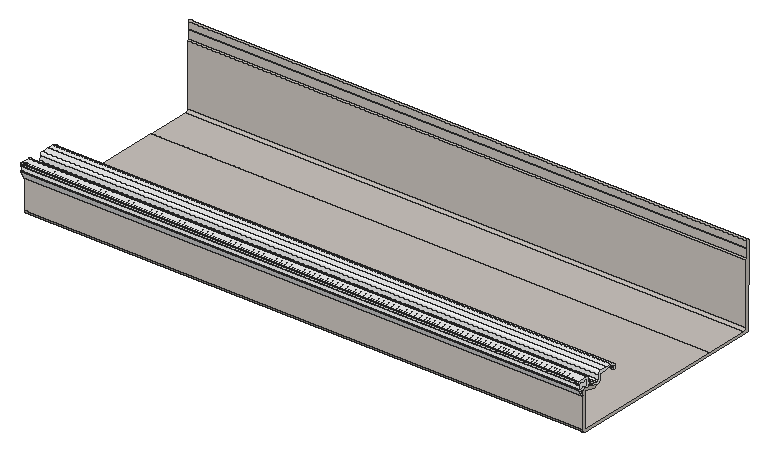
Revit family "Lighting to Front face of Suburban Gutter", category Generic Models, Revit 2018
Family settings
  Can host rebar = No
  Round Connector Dimension = Use Diameter
  Part Type = Normal
  Work Plane-Based = No
  Always vertical = Yes
  Cut with Voids When Loaded = No
  Shared = No
  Room Calculation Point = No
Parameters
  LED Neon Strip lighting [instance] = LED light
  Gutter Length [instance] = 500 mm
  Gutter Clip [instance] = Aluminum - Dark
  185 Suburban Gutter [instance] = Bronco
Reference planes
  plane 1 "Center (Front/Back)": y = 0
  plane 2: z = 0
  plane 3 "Center (Left/Right)": x = 0
  plane 4: x = -250
  plane 5: x = 250
Forms (mm)
  Extrusion 1, solid, material "Aluminum - Dark" <- "Gutter Clip"
    sketch origin (0, 20.14, -0.218) x (0, 1, 0) y (0, 0, 1)
      loop
        line (-94.944, 34.172) -> (-94.955, 37.723) -> (-94.63, 39.31) -> (-89.948, 39.79) -> (-84.615, 40.305) -> (-81.848, 40.564)
        arc (-81.848, 40.564) -> (-80.132, 39.786) -> (-79.469, 38.022) r 2.462
        line (-79.469, 38.022) -> (-79.53, 37.238)
        arc (-79.53, 37.238) -> (-78.939, 36.677) -> (-78.268, 37.14) r 0.647
        line (-78.268, 37.14) -> (-78.186, 38.2)
        arc (-78.186, 38.2) -> (-79.322, 40.787) -> (-81.944, 41.841) r 3.739
        line (-81.944, 41.841) -> (-86.746, 41.814) -> (-87.141, 40.996) -> (-87.546, 41.81) -> (-93.836, 41.775)
        arc (-93.836, 41.775) -> (-95.533, 41.168) -> (-96.303, 39.538) r 2.353
        line (-96.303, 39.538) -> (-96.521, 35.53)
        arc (-96.521, 35.53) -> (-96.721, 34.726) -> (-97.367, 34.208) r 1.296
        arc (-97.367, 34.208) -> (-99.112, 34.363) -> (-100.787, 34.877) r 8.406
        line (-100.787, 34.877) -> (-103.322, 36.627) -> (-104.021, 36.172) -> (-103.816, 36.968) -> (-108.215, 40.004) -> (-108.211, 41.606)
        arc (-108.211, 41.606) -> (-108.679, 42.739) -> (-109.811, 43.209) r 1.6
        line (-109.811, 43.209) -> (-118.311, 43.212)
        arc (-118.311, 43.212) -> (-118.665, 43.065) -> (-118.811, 42.712) r 0.5
        line (-118.811, 42.712) -> (-118.812, 41.401)
        spline (-118.812, 41.401) -> (-118.726, 41.287) -> (-118.656, 41.259) -> (-118.587, 41.289) -> (-118.509, 41.347) -> (-118.407, 41.403) -> (-118.271, 41.428) -> (-118.104, 41.421) -> (-117.926, 41.41) -> (-117.757, 41.424) -> (-117.619, 41.492) -> (-117.533, 41.645) -> (-117.519, 41.912)
        line (-117.519, 41.912) -> (-114.412, 41.912)
        arc (-114.412, 41.912) -> (-114.265, 41.558) -> (-113.912, 41.412) r 0.5
        arc (-113.912, 41.412) -> (-113.558, 41.558) -> (-113.412, 41.912) r 0.5
        line (-113.412, 41.912) -> (-109.511, 41.912) -> (-109.513, 36.512) -> (-113.412, 36.512)
        arc (-113.412, 36.512) -> (-113.558, 36.865) -> (-113.912, 37.012) r 0.5
        arc (-113.912, 37.012) -> (-114.265, 36.865) -> (-114.412, 36.512) r 0.5
        line (-114.412, 36.512) -> (-117.512, 36.512)
        spline (-117.512, 36.512) -> (-117.527, 36.78) -> (-117.614, 36.933) -> (-117.753, 37.001) -> (-117.922, 37.015) -> (-118.101, 37.003) -> (-118.269, 36.996) -> (-118.405, 37.021) -> (-118.507, 37.077) -> (-118.586, 37.135) -> (-118.655, 37.165) -> (-118.726, 37.137) -> (-118.811, 37.022)
        line (-118.811, 37.022) -> (-118.736, 36.182) -> (-115.058, 30.238) -> (-114.285, 30.055)
        arc (-114.285, 30.055) -> (-113.834, 30.223) -> (-113.817, 30.704) r 0.432
        line (-113.817, 30.704) -> (-116.252, 34.637)
        arc (-116.252, 34.637) -> (-116.26, 35.018) -> (-115.931, 35.212) r 0.377
        line (-115.931, 35.212) -> (-111.21, 35.212) -> (-108.214, 34.678) -> (-108.213, 36.994)
        arc (-108.213, 36.994) -> (-107.811, 37.658) -> (-107.037, 37.611) r 0.75
        line (-107.037, 37.611) -> (-102.396, 34.408)
        spline (-102.396, 34.408) -> (-102.428, 34.286) -> (-102.451, 34.174) -> (-102.466, 34.073) -> (-102.472, 33.981) -> (-102.47, 33.9) -> (-102.459, 33.828) -> (-102.439, 33.767) -> (-102.41, 33.716) -> (-102.373, 33.676) -> (-102.328, 33.645) -> (-102.273, 33.625) -> (-102.211, 33.614)
        line (-102.211, 33.614) -> (-99.866, 33.208) -> (-98.503, 32.793)
        arc (-98.503, 32.793) -> (-96.496, 32.897) -> (-94.944, 34.172) r 3.215
    from -250 to 250
  Extrusion 2, solid, material "Bronco" <- "185 Suburban Gutter"
    sketch origin (0, -150.925, -150.846) x (0, 1, 0) y (0, 0, 1)
      loop
        arc (242.175, 224.946) -> (241.275, 225.846) -> (240.375, 224.946) r 0.9
        line (240.375, 224.946) -> (240.375, 218.746) -> (241.182, 218.346) -> (240.375, 217.946) -> (240.375, 210.753) -> (239.925, 209.888) -> (239.925, 155.346)
        arc (239.925, 155.346) -> (239.266, 153.755) -> (237.675, 153.096) r 2.25
        line (237.675, 153.096) -> (199.575, 153.096) -> (199.175, 152.296) -> (198.775, 153.096) -> (60.175, 153.096)
        arc (60.175, 153.096) -> (59.645, 153.315) -> (59.425, 153.846) r 0.75
        line (59.425, 153.846) -> (59.425, 183.657) -> (69.798, 181.828)
        arc (69.798, 181.828) -> (71.102, 182.74) -> (70.189, 184.044) r 1.125
        line (70.189, 184.044) -> (65.762, 184.824) -> (65.23, 184.106) -> (64.975, 184.963) -> (60.192, 185.807)
        arc (60.192, 185.807) -> (58.093, 185.244) -> (57.175, 183.276) r 2.57
        line (57.175, 183.276) -> (57.175, 153.846)
        arc (57.175, 153.846) -> (58.054, 151.724) -> (60.175, 150.846) r 3
        line (60.175, 150.846) -> (241.675, 150.846)
        arc (241.675, 150.846) -> (242.029, 150.992) -> (242.175, 151.346) r 0.5
        line (242.175, 151.346) -> (242.175, 224.946)
    from -250 to 250
  Extrusion 3, solid, material "LED light" <- "LED Neon Strip lighting"
    sketch origin (0, 0, 0) x (0, 1, 0) y (0, 0, 1)
      loop
        line (-89.472, 41.594) -> (-93.181, 41.594)
        arc (-93.181, 41.594) -> (-93.772, 41.094) -> (-94.364, 41.594) r 0.6
        line (-94.364, 41.594) -> (-97.235, 41.594) -> (-97.235, 36.394) -> (-94.364, 36.394)
        arc (-94.364, 36.394) -> (-93.772, 36.894) -> (-93.181, 36.394) r 0.6
        line (-93.181, 36.394) -> (-89.473, 36.394) -> (-89.472, 41.594)
    from -250 to 250
Dimensions and locks
  equal spacing: plane 4, plane 3 "Center (Left/Right)", plane 5
  "Gutter Length": plane 4 to plane 5
  aligned and locked: level to plane 2
  aligned and locked: Extrusion 1 to plane 4
  aligned and locked: Extrusion 1 to plane 5
  aligned and locked: Extrusion 2 to plane 4
  aligned and locked: Extrusion 2 to plane 5
  aligned and locked: Extrusion 3 to plane 4
  aligned and locked: Extrusion 3 to plane 5
Automatic sketch dimensions
  Extrusion 2 sketch curve to Extrusion 2 sketch curve = 0 mm  (x4)
  plane 1 "Center (Front/Back)" to Extrusion 2 sketch curve = 93.75 mm
  Extrusion 2 sketch curve to Extrusion 2 sketch curve = 2.25 mm  (x2)
  Extrusion 2 sketch curve to Extrusion 2 sketch curve = 0.32 mm
  Extrusion 2 sketch curve to Extrusion 2 sketch curve = 0.75 mm
  Extrusion 2 sketch curve to Extrusion 2 sketch curve = 0.766 mm
  Extrusion 2 sketch curve to Extrusion 2 sketch curve = 0.788 mm
  Extrusion 2 sketch curve to Extrusion 2 sketch curve = 4.036 mm
  Extrusion 2 sketch curve to Extrusion 2 sketch curve = 0.195 mm  (x2)
  Extrusion 2 sketch curve to Extrusion 2 sketch curve = 128.977 mm
  Extrusion 2 sketch curve to Extrusion 2 sketch curve = 0.4 mm  (x2)
  Extrusion 2 sketch curve to Extrusion 2 sketch curve = 0.8 mm  (x3)
  Extrusion 2 sketch curve to Extrusion 2 sketch curve = 38.1 mm
  Extrusion 2 sketch curve to Extrusion 2 sketch curve = 0.45 mm
  Extrusion 2 sketch curve to Extrusion 2 sketch curve = 0.806 mm
  Extrusion 2 sketch curve to Extrusion 2 sketch curve = 0.9 mm
  Extrusion 2 sketch curve to Extrusion 2 sketch curve = 0.5 mm
  level to Extrusion 2 sketch curve = 0 mm
  Extrusion 2 sketch curve to Extrusion 2 sketch curve = 27.982 mm
  Extrusion 2 sketch curve to Extrusion 2 sketch curve = 1.108 mm
  Extrusion 2 sketch curve to Extrusion 2 sketch curve = 1.448 mm
  Extrusion 2 sketch curve to Extrusion 2 sketch curve = 0.381 mm
  Extrusion 2 sketch curve to Extrusion 2 sketch curve = 1.17 mm
  Extrusion 2 sketch curve to Extrusion 2 sketch curve = 54.543 mm
  Extrusion 2 sketch curve to Extrusion 2 sketch curve = 0.864 mm
  Extrusion 2 sketch curve to Extrusion 2 sketch curve = 7.193 mm
  Extrusion 2 sketch curve to Extrusion 2 sketch curve = 6.2 mm
  Extrusion 2 sketch curve to Extrusion 2 sketch curve = 4.783 mm
  Extrusion 2 sketch curve to Extrusion 2 sketch curve = 0.533 mm
  Extrusion 2 sketch curve to Extrusion 2 sketch curve = 0.718 mm
  Extrusion 2 sketch curve to Extrusion 2 sketch curve = 0.139 mm
  level to Extrusion 1 sketch curve = 41.183 mm
  plane 1 "Center (Front/Back)" to Extrusion 1 sketch curve = 98.672 mm
  level to Extrusion 1 sketch curve = 42.494 mm
  Extrusion 1 sketch curve to Extrusion 1 sketch curve = 0 mm  (x10)
  level to Extrusion 1 sketch curve = 36.804 mm
  level to Extrusion 1 sketch curve = 35.964 mm
  Extrusion 1 sketch curve to Extrusion 1 sketch curve = 0.075 mm
  Extrusion 1 sketch curve to Extrusion 1 sketch curve = 0.5 mm  (x5)
  level to Extrusion 1 sketch curve = 42.994 mm
  Extrusion 1 sketch curve to Extrusion 1 sketch curve = 0.793 mm
  Extrusion 1 sketch curve to Extrusion 1 sketch curve = 1.224 mm
  level to Extrusion 1 sketch curve = 34.419 mm
  Extrusion 1 sketch curve to Extrusion 1 sketch curve = 1.26 mm
  Extrusion 1 sketch curve to Extrusion 1 sketch curve = 0.32 mm
  level to Extrusion 1 sketch curve = 30.02 mm
  Extrusion 1 sketch curve to Extrusion 1 sketch curve = 1.193 mm
  Extrusion 1 sketch curve to Extrusion 1 sketch curve = 3.107 mm
  Extrusion 1 sketch curve to Extrusion 1 sketch curve = 1.52 mm
  level to Extrusion 1 sketch curve = 29.837 mm
  Extrusion 1 sketch curve to Extrusion 1 sketch curve = 0.774 mm
  Extrusion 1 sketch curve to Extrusion 1 sketch curve = 0.099 mm
  level to Extrusion 1 sketch curve = 30.486 mm
  Extrusion 1 sketch curve to Extrusion 1 sketch curve = 0.368 mm
  Extrusion 1 sketch curve to Extrusion 1 sketch curve = 2.202 mm
  Extrusion 1 sketch curve to Extrusion 1 sketch curve = 3.601 mm
  level to Extrusion 1 sketch curve = 42.991 mm
  Extrusion 1 sketch curve to Extrusion 1 sketch curve = 0.001 mm
  Extrusion 1 sketch curve to Extrusion 1 sketch curve = 1.697 mm
  level to Extrusion 1 sketch curve = 41.694 mm
  Extrusion 1 sketch curve to Extrusion 1 sketch curve = 0.3 mm
  level to Extrusion 1 sketch curve = 39.786 mm
  Extrusion 1 sketch curve to Extrusion 1 sketch curve = 1.597 mm
  level to Extrusion 1 sketch curve = 34.46 mm
  Extrusion 1 sketch curve to Extrusion 1 sketch curve = 1.299 mm
  level to Extrusion 1 sketch curve = 36.776 mm
  Extrusion 1 sketch curve to Extrusion 1 sketch curve = 1.3 mm  (x2)
  level to Extrusion 1 sketch curve = 41.388 mm
  Extrusion 1 sketch curve to Extrusion 1 sketch curve = 0.75 mm
  level to Extrusion 1 sketch curve = 37.393 mm
  Extrusion 1 sketch curve to Extrusion 1 sketch curve = 0.426 mm
  level to Extrusion 1 sketch curve = 35.954 mm
  Extrusion 1 sketch curve to Extrusion 1 sketch curve = 3.016 mm
  level to Extrusion 1 sketch curve = 36.75 mm
  Extrusion 1 sketch curve to Extrusion 1 sketch curve = 0.205 mm
  level to Extrusion 1 sketch curve = 36.409 mm
  Extrusion 1 sketch curve to Extrusion 1 sketch curve = 0.494 mm
  level to Extrusion 1 sketch curve = 34.19 mm
  Extrusion 1 sketch curve to Extrusion 1 sketch curve = 1.625 mm
  level to Extrusion 1 sketch curve = 33.396 mm
  Extrusion 1 sketch curve to Extrusion 1 sketch curve = 0.185 mm
  level to Extrusion 1 sketch curve = 34.659 mm
  Extrusion 1 sketch curve to Extrusion 1 sketch curve = 1.609 mm
  level to Extrusion 1 sketch curve = 32.99 mm
  Extrusion 1 sketch curve to Extrusion 1 sketch curve = 0.921 mm
  level to Extrusion 1 sketch curve = 32.575 mm
  Extrusion 1 sketch curve to Extrusion 1 sketch curve = 1.363 mm
  Extrusion 1 sketch curve to Extrusion 1 sketch curve = 0.69 mm
  Extrusion 1 sketch curve to Extrusion 1 sketch curve = 0.154 mm
  Extrusion 1 sketch curve to Extrusion 1 sketch curve = 0.162 mm
  level to Extrusion 1 sketch curve = 35.312 mm
  Extrusion 1 sketch curve to Extrusion 1 sketch curve = 1.137 mm
  level to Extrusion 1 sketch curve = 39.32 mm
  Extrusion 1 sketch curve to Extrusion 1 sketch curve = 1.194 mm
  level to Extrusion 1 sketch curve = 37.505 mm
  Extrusion 1 sketch curve to Extrusion 1 sketch curve = 1.348 mm
  level to Extrusion 1 sketch curve = 33.954 mm
  Extrusion 1 sketch curve to Extrusion 1 sketch curve = 1.578 mm
  Extrusion 1 sketch curve to Extrusion 1 sketch curve = 0.325 mm
  Extrusion 1 sketch curve to Extrusion 1 sketch curve = 0.677 mm
  Extrusion 1 sketch curve to Extrusion 1 sketch curve = 0.117 mm
  Extrusion 1 sketch curve to Extrusion 1 sketch curve = 4.004 mm
  Extrusion 1 sketch curve to Extrusion 1 sketch curve = 2.403 mm
  Extrusion 1 sketch curve to Extrusion 1 sketch curve = 0.404 mm
  Extrusion 1 sketch curve to Extrusion 1 sketch curve = 0.8 mm  (x2)
  Extrusion 1 sketch curve to Extrusion 1 sketch curve = 2.131 mm
  level to Extrusion 1 sketch curve = 41.623 mm
  Extrusion 1 sketch curve to Extrusion 1 sketch curve = 2.671 mm
  Extrusion 1 sketch curve to Extrusion 1 sketch curve = 2.685 mm
  Extrusion 1 sketch curve to Extrusion 1 sketch curve = 0.006 mm
  Extrusion 1 sketch curve to Extrusion 1 sketch curve = 0.096 mm
  Extrusion 1 sketch curve to Extrusion 1 sketch curve = 2.394 mm
  Extrusion 1 sketch curve to Extrusion 1 sketch curve = 0.061 mm
  Extrusion 1 sketch curve to Extrusion 1 sketch curve = 0.641 mm
  level to Extrusion 1 sketch curve = 36.922 mm
  Extrusion 1 sketch curve to Extrusion 1 sketch curve = 0.621 mm
  level to Extrusion 1 sketch curve = 37.982 mm
  Extrusion 1 sketch curve to Extrusion 1 sketch curve = 0.082 mm
  Extrusion 1 sketch curve to Extrusion 1 sketch curve = 0.198 mm
  Extrusion 1 sketch curve to Extrusion 1 sketch curve = 0.471 mm
  Extrusion 1 sketch curve to Extrusion 1 sketch curve = 0.33 mm
  Extrusion 1 sketch curve to Extrusion 1 sketch curve = 0.098 mm
  Extrusion 1 sketch curve to Extrusion 1 sketch curve = 0.784 mm
  Extrusion 1 sketch curve to Extrusion 1 sketch curve = 0.002 mm
  Extrusion 1 sketch curve to Extrusion 1 sketch curve = 1.587 mm
  Extrusion 1 sketch curve to Extrusion 1 sketch curve = 0.116 mm
  Extrusion 1 sketch curve to Extrusion 1 sketch curve = 0.364 mm
  Extrusion 1 sketch curve to Extrusion 1 sketch curve = 0.26 mm
  Extrusion 1 sketch curve to Extrusion 1 sketch curve = 0.692 mm
  Extrusion 1 sketch curve to Extrusion 1 sketch curve = 0.814 mm
  Extrusion 1 sketch curve to Extrusion 1 sketch curve = 0.004 mm
  Extrusion 1 sketch curve to Extrusion 1 sketch curve = 3.075 mm
  level to Extrusion 3 sketch curve = 36.394 mm
  plane 1 "Center (Front/Back)" to Extrusion 3 sketch curve = 97.235 mm
  Extrusion 3 sketch curve to Extrusion 3 sketch curve = 2.871 mm  (x2)
  Extrusion 3 sketch curve to Extrusion 3 sketch curve = 0.592 mm  (x4)
  Extrusion 3 sketch curve to Extrusion 3 sketch curve = 3.707 mm
  Extrusion 3 sketch curve to Extrusion 3 sketch curve = 3.709 mm
  Extrusion 3 sketch curve to Extrusion 3 sketch curve = 0.1 mm  (x2)
  Extrusion 3 sketch curve to Extrusion 3 sketch curve = 5.2 mm
